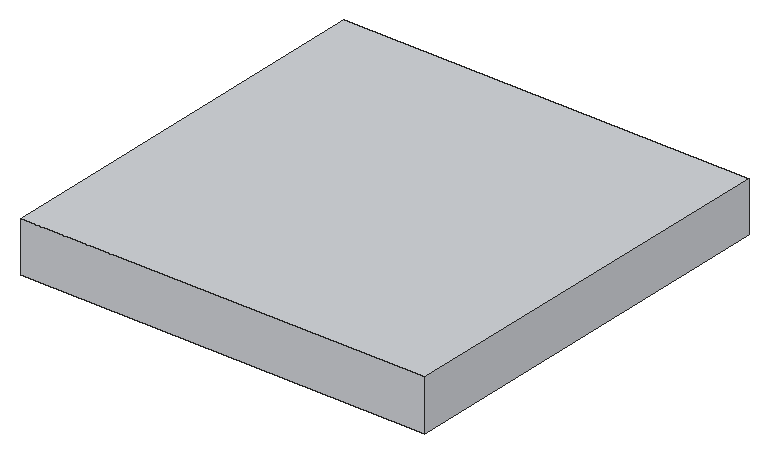
Revit family "90-6173-14-14", category Luminarias, Revit 2017
Family settings
  Anfitrión = Cara
  Cota de conector redondo = Diámetro de uso
  Tipo de pieza = Normal
  Número OmniClass = 23.80.70.00
  Título OmniClass = Lighting
  Corte con vacíos al cargar = No
  Origen de luz = No
  Compartido = Sí
  Punto de cálculo de habitación = No
Parameters (values of type "90-6173-14-14")
  Versión = "v1"
  Vatios (W) = 26.4
  Tipo de regulación = ""
  Tipo = "Downlight"
  Tender text (English) = "LEDS C4\nBento Standard 12 LEDS Trimless\n90-6173-14-14\n\nDownlight for indoor use. \n\nFor downlighting. UGR &lt;10. Maximum visual comfort with invisible lamp effect. Structure material: Aluminium, Polycarbonate. Structure finish: White, Black. Warranty: 5 Years.\n\nProduct net weight (Kg): 0.380\nProduct length (mm): 364\nProduct width or diameter (mm): 36\nProduct height (mm): 39\nØ of the hole for recessing (mm): 36x323\nPermitted ceiling thickness: 0-18\n\nClass 3. Luminaire not suitable for coating with insulation materials. IP: IP23. LED. No. of lampholders or LEDs: 12. LED brand: CREE. Maximum power of light source: 26.4W. Colour temperature: LED warm-white 2700K. Colour rendering index: 90. MacAdam Steps: 3. Maximum diameter of luminaire bulb: 50.000h L80B20. Photobiological risk: RG2. Real flux (lm): 1459. Nominal flux (lm): 1520. Lm/Real W: 55. Voltage: 3. Gear included: No, but it is needed. Total power: 26.4."
  Tender text (Castellano) = "LEDS C4\nBento Standard 12 LEDS Trimless\n90-6173-14-14\n\nLuminària de techo de uso interior para iluminar hacia abajo. \n\nUGR &lt;10. Alto confort visual con efecto de lámpara invisible. Material estructura: Aluminio, Policarbonato. Acabado estructura: Blanco, Negro. Garantía: 5 Años.\n\nPeso neto del producto (Kg): 0.380\nLongitud del producto (mm): 364\nAnchura o diámetro del producto (mm): 36\nAltura del producto (mm): 39\nØ del agujero para empotrar (mm): 36x323\nGrosor de techo admitido: 0-18\n\nClase 3. Luminaria no apta para ser recubierta con materiales aislantes. IP: IP23. LED. Nº de portalámparas o Leds: 12. Marca del LED: CREE. Potencia máxima de la fuente de luz: 26.4W. Temperatura de color: Blanco cálido - 2700K. Índice de reproducción cromática: 90. Steps Mac Adam: 3. Diámetro máximo de la bombilla que admite la luminaria: 50.000h L80B20. Riesgo fotobiológico: RG2. Flujo real (lm): 1459. Flujo nominal (lm): 1520. Lm/W reales: 55. Voltaje: 3. Equipo incluido: No, pero lo necesita. Potencia total: 26.4."
  Temperatura color led (K) = "Blanco cálido - 2700K"
  Referencia = "90-6173-14-14"
  Rayo de luz = ""
  Producto descatalogado = "Catalogado ES"
  Pluma comercial = "http://files.leds-c4.com/pl/90-6173-14-14.html"
  Peso neto (KG) = 0.38
  Material = "Aluminio, Policarbonato"
  Lumenes reales (lm) = 1459
  LDT = "http://files.leds-c4.com/ldt/90-6173-14-14.html"
  Imagen web = "http://files.leds-c4.com/main-photo/90-6173-14-14"
  IfcExportType = "NOTDEFINED"
  IfcExportAs = "IfcLightFixture\r\nIfcLightFixture"
  IP = "IP23"
  IMC = "http://files.leds-c4.com/imc/90-6173-14-14.html"
  IK = ""
  Fuente de luz = "12xLED 26.4 1520.00 lm"
  Fotometría = "http://files.leds-c4.com/fm/90-6173-14-14.html"
  Ficha = "http://files.leds-c4.com/ft/es/90-6173-14-14.html"
  FechaVersion = "Julio 2020"
  Familia = "Bento Standard 12 LEDS Trimless"
  Fabricante = "LEDS C4"
  Etiqueta V/f = "max. 700mA"
  Elevación por defecto = 1000 mm
  Eficiencia energética = "LED A++"
  EAN13 = "8435526843350"
  DescripcionUniformat2010 = "Lighting"
  DescripcionUniclass2015 = "Lighting"
  DescripcionOmniclass = "Lighting"
  DescripcionGubimclass = "Iluminación interior"
  CodigoUniformat2010 = "D5040"
  CodigoUniclass2015 = "EF_70_80"
  CodigoOmniclass = "21-04 50 40"
  CodigoGubimclass = "50.60.50.20"
  Catálogo = "Technical"
  Carga aparente = 0 VA
  CRI = 90
  Acabado = "Blanco, Negro"
Types (2, lengths in mm): name | Lumenes reales (lm) | CRI
  (no name) | 0 | 0
  90-6173-14-14 | 1459 | 90
Values of the unnamed type that differ from the named types
  Vatios (W) = 0
  Tipo = ""
  Tender text (English) = ""
  Tender text (Castellano) = ""
  Temperatura color led (K) = ""
  Referencia = ""
  Producto descatalogado = ""
  Pluma comercial = ""
  Peso neto (KG) = 0
  Material = ""
  LDT = ""
  Imagen web = ""
  IP = ""
  IMC = ""
  Fuente de luz = ""
  Fotometría = ""
  Ficha = ""
  Familia = ""
  Etiqueta V/f = ""
  Eficiencia energética = ""
  EAN13 = ""
  Catálogo = ""
  Acabado = ""
Reference planes
  plane 1 "Centro (Frontal/Posterior)": y = 0
  plane 2: z = 0
  plane 3 "Centro (Izquierda/Derecha)": x = 0
  plane 4 "Elevación de origen de luz": z = 0
  plane 5 "Eje de origen de luz (F/P)": y = 0
  plane 6 "Eje de origen de luz (I/D)": x = 0
Forms (mm)
  Extrusion 1, solid
    sketch origin (0, 0, 0) x (1, 0, 0) y (0, 1, 0)
      loop
        line (-1219.2, 1219.2) -> (-1219.2, -1219.2) -> (1219.2, -1219.2) -> (1219.2, 1219.2) -> (-1219.2, 1219.2)
    from 0 to -304.8
Dimensions and locks
  aligned and locked: plane 2 to Extrusion 1
  aligned and locked: level to Extrusion 1
Connectors
  electrical at (0, 0, 0)
    settings: on Extrusion 1, index 1, voltage 0 V, apparent load 0 VA, apparent load phase1 0 VA, apparent load phase2 0 VA, apparent load phase3 0 VA, power factor 1, load classification "Otro", number of poles 1, system type 31, power factor state 1, is connector primary yes, connector utility no, sub classification motor no, connector description ""
